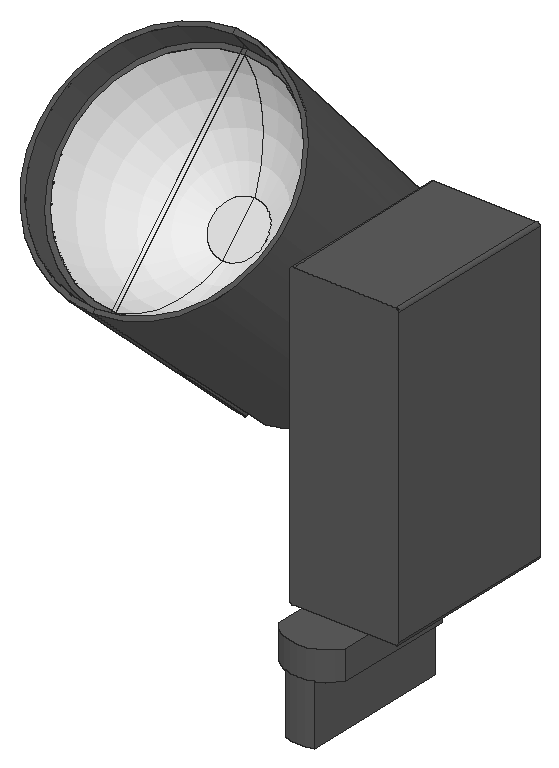
Revit family "0004889 Feilo Sylvania Lighting Fixture START TRACK SPOT L 35W 3K RA90 NB BLACK", category Lighting Fixtures, host Face, Revit 2017 (continued)
Definition of nested family "Start Track Spot Head"
  Types (96, lengths in mm): name | Wattage | built-in parameter 1150134 | Photometric Web File | Model | built-in parameter 1150105 | Lumens | built-in parameter 1150107 | built-in parameter 1150106 | HeadThickness_FEILO | HeadRibOffset_FEILO | HeadRibDepth_FEILO | HeadRibCutWidth_FEILO | HeadRibCutOffset_FEILO | HeadReflectorRadius_FEILO | HeadReflectorOffset_FEILO | HeadLEDRadius_FEILO | HeadHeight_FEILO | HeadDiffusorOffset_FEILO | HeadDiaOut_FEILO | HeadDiaIn_FEILO | HeadAxisFromTop_FEILO | Emit from Circle Diameter | built-in parameter 1150104 | Description | Apparent Load
    0004864 START TRACK SPOT S 24W 3K RA90 WB WHITE | 24 W | (empty or 0) | "0004864.ies" | "START TRACK SPOT S 24W 3K RA90 WB WHITE" | 152.79 (stored number, unit not read) | 1920 lm | 3000 (stored number, unit not read) | 1.5279 (stored number, unit not read) | 1.5 | 4.179 | 55.714 | 7.167 | 50.87 | 50.588 | 55.714 | 9.556 | 117 | 9.435 | 86 | 77.477 | 69.354 | 77.477 | 7.4322 (stored number, unit not read) | "Integrated LED spotlight, Textured White - RAL9016, compact and minimalist design, ideal for retail applications, die-cast aluminium body, passive cooling heatsink. Beam angle: 64°, color temperature: 3000K , total system power: 24W, total fixture output: 1928 lm, LOR: 100%, colour rendering: Ra: 90 typical, LED Chromaticity: 3 step MacAdam ellipse, lifetime: >50000 hours at L70B50, energy class: A++, A+, A, IR/UV free light source without heat radiation, operating voltage: 220-240V / 50-60Hz, drive current: 600mA, electronic driver, non-dimmable, power factor: 0.95, electrical protection: Class II, Global Track 3 Phase adapter suitable for Global trac 3-circuit tracks, ingress protection rating: IP20, suitable for internal environment only, horizontal rotation: 355°, vertical tilt: 90°, dimensions: Ø86x140x200, weight: 0.966kg." | 24 VA
    0004863 START TRACK SPOT S 24W 3K RA90 MB WHITE | 24 W | (empty or 0) | "0004863.ies" | "START TRACK SPOT S 24W 3K RA90 MB WHITE" | 154.7 (stored number, unit not read) | 1944 lm | 3000 (stored number, unit not read) | 1.547 (stored number, unit not read) | 1.5 | 4.179 | 55.714 | 7.167 | 50.87 | 50.588 | 55.714 | 9.556 | 117 | 9.435 | 86 | 77.477 | 69.354 | 77.477 | 7.5251 (stored number, unit not read) | "Integrated LED spotlight, Textured White - RAL9016, compact and minimalist design, ideal for retail applications, die-cast aluminium body, passive cooling heatsink. Beam angle: 36°, color temperature: 3000K , total system power: 24W, total fixture output: 1944 lm, LOR: 100%, colour rendering: Ra: 90 typical, LED Chromaticity: 3 step MacAdam ellipse, lifetime: >50000 hours at L70B50, energy class: A++, A+, A, IR/UV free light source without heat radiation, operating voltage: 220-240V / 50-60Hz, drive current: 600mA, electronic driver, non-dimmable, power factor: 0.95, electrical protection: Class II, Global Track 3 Phase adapter suitable for Global trac 3-circuit tracks, ingress protection rating: IP20, suitable for internal environment only, horizontal rotation: 355°, vertical tilt: 90°, dimensions: Ø86x140x200, weight: 0.966kg." | 24 VA
    0004862 START TRACK SPOT S 24W 3K RA90 NB WHITE | 24 W | (empty or 0) | "0004862.ies" | "START TRACK SPOT S 24W 3K RA90 NB WHITE" | 158.52 (stored number, unit not read) | 1992 lm | 3000 (stored number, unit not read) | 1.5852 (stored number, unit not read) | 1.5 | 4.179 | 55.714 | 7.167 | 50.87 | 50.588 | 55.714 | 9.556 | 117 | 9.435 | 86 | 77.477 | 69.354 | 77.477 | 7.711 (stored number, unit not read) | "Integrated LED spotlight, Textured White - RAL9016, compact and minimalist design, ideal for retail applications, die-cast aluminium body, passive cooling heatsink. Beam angle: 12°, color temperature: 3000K , total system power: 24W, total fixture output: 1987 lm, LOR: 100%, colour rendering: Ra: 90 typical, LED Chromaticity: 3 step MacAdam ellipse, lifetime: >50000 hours at L70B50, energy class: A++, A+, A, IR/UV free light source without heat radiation, operating voltage: 220-240V / 50-60Hz, drive current: 600mA, electronic driver, non-dimmable, power factor: 0.95, electrical protection: Class II, Global Track 3 Phase adapter suitable for Global trac 3-circuit tracks, ingress protection rating: IP20, suitable for internal environment only, horizontal rotation: 355°, vertical tilt: 90°, dimensions: Ø86x140x200, weight: 0.966kg." | 24 VA
    0004861 START TRACK SPOT S 14W 3K RA90 WB WHITE | 14 W | (empty or 0) | "0004861.ies" | "START TRACK SPOT S 14W 3K RA90 WB WHITE" | 100.27 (stored number, unit not read) | 1260 lm | 3000 (stored number, unit not read) | 1.0027 (stored number, unit not read) | 1.5 | 4.179 | 55.714 | 7.167 | 50.87 | 50.588 | 55.714 | 9.556 | 117 | 9.435 | 86 | 77.477 | 69.354 | 77.477 | 8.3613 (stored number, unit not read) | "Integrated LED spotlight, Textured White - RAL9016, compact and minimalist design, ideal for retail applications, die-cast aluminium body, passive cooling heatsink. Beam angle: 64°, color temperature: 3000K , total system power: 14W, total fixture output: 1262 lm, LOR: 100%, colour rendering: Ra: 90 typical, LED Chromaticity: 3 step MacAdam ellipse, lifetime: >50000 hours at L70B50, energy class: A++, A+, A, IR/UV free light source without heat radiation, operating voltage: 220-240V / 50-60Hz, drive current: 350mA, electronic driver, non-dimmable, power factor: 0.92, electrical protection: Class II, Global Track 3 Phase adapter suitable for Global trac 3-circuit tracks, ingress protection rating: IP20, suitable for internal environment only, horizontal rotation: 355°, vertical tilt: 90°, dimensions: Ø86x140x200, weight: 0.940kg." | 14 VA
    0004860 START TRACK SPOT S 14W 3K RA90 MB WHITE | 14 W | (empty or 0) | "0004860.ies" | "START TRACK SPOT S 14W 3K RA90 MB WHITE" | 100.27 (stored number, unit not read) | 1260 lm | 3000 (stored number, unit not read) | 1.0027 (stored number, unit not read) | 1.5 | 4.179 | 55.714 | 7.167 | 50.87 | 50.588 | 55.714 | 9.556 | 117 | 9.435 | 86 | 77.477 | 69.354 | 77.477 | 8.3613 (stored number, unit not read) | "Integrated LED spotlight, Textured White - RAL9016, compact and minimalist design, ideal for retail applications, die-cast aluminium body, passive cooling heatsink. Beam angle: 36°, color temperature: 3000K , total system power: 14W, total fixture output: 1262 lm, LOR: 100%, colour rendering: Ra: 90 typical, LED Chromaticity: 3 step MacAdam ellipse, lifetime: >50000 hours at L70B50, energy class: A++, A+, A, IR/UV free light source without heat radiation, operating voltage: 220-240V / 50-60Hz, drive current: 350mA, electronic driver, non-dimmable, power factor: 0.92, electrical protection: Class II, Global Track 3 Phase adapter suitable for Global trac 3-circuit tracks, ingress protection rating: IP20, suitable for internal environment only, horizontal rotation: 355°, vertical tilt: 90°, dimensions: Ø86x140x200, weight: 0.940kg." | 14 VA
    0004859 START TRACK SPOT S 14W 3K RA90 NB WHITE | 14 W | (empty or 0) | "0004859.ies" | "START TRACK SPOT S 14W 3K RA90 NB WHITE" | 102.5 (stored number, unit not read) | 1288 lm | 3000 (stored number, unit not read) | 1.025 (stored number, unit not read) | 1.5 | 4.179 | 55.714 | 7.167 | 50.87 | 50.588 | 55.714 | 9.556 | 117 | 9.435 | 86 | 77.477 | 69.354 | 77.477 | 8.5471 (stored number, unit not read) | "Integrated LED spotlight, Textured White - RAL9016, compact and minimalist design, ideal for retail applications, die-cast aluminium body, passive cooling heatsink. Beam angle: 12°, color temperature: 3000K , total system power: 14W, total fixture output: 1284 lm, LOR: 100%, colour rendering: Ra: 90 typical, LED Chromaticity: 3 step MacAdam ellipse, lifetime: >50000 hours at L70B50, energy class: A++, A+, A, IR/UV free light source without heat radiation, operating voltage: 220-240V / 50-60Hz, drive current: 350mA, electronic driver, non-dimmable, power factor: 0.92, electrical protection: Class II, Global Track 3 Phase adapter suitable for Global trac 3-circuit tracks, ingress protection rating: IP20, suitable for internal environment only, horizontal rotation: 355°, vertical tilt: 90°, dimensions: Ø86x140x200, weight: 0.940kg." | 14 VA
    0004858 START TRACK SPOT L 55W 4K RA80 WB BLACK | 55 W | 12 | "0004858.ies" | "START TRACK SPOT L 55W 4K RA80 WB BLACK" | 424.55 (stored number, unit not read) | 5335 lm | 4000 (stored number, unit not read) | 4.2455 (stored number, unit not read) | 2 | 4.429 | 59.048 | 9.417 | 53.913 | 66.471 | 59.048 | 12.556 | 124 | 10 | 113 | 101.802 | 73.503 | 101.802 | 9.0116 (stored number, unit not read) | "Integrated LED spotlight, Textured Black - RAL9005, compact and minimalist design, ideal for retail applications, die-cast aluminium body, passive cooling heatsink. Beam angle: 52°, color temperature: 4000K , total system power: 55W, total fixture output: 5320 lm, LOR: 100%, colour rendering: Ra: 80 typical, LED Chromaticity: 3 step MacAdam ellipse, lifetime: >50000 hours at L70B50, energy class: A++, A+, A, IR/UV free light source without heat radiation, operating voltage: 220-240V / 50-60Hz, drive current: 1400mA, electronic driver, non-dimmable, power factor: 0.96, electrical protection: Class II, Global Track 3 Phase adapter suitable for Global trac 3-circuit tracks, ingress protection rating: IP20, suitable for internal environment only, horizontal rotation: 355°, vertical tilt: 90°, dimensions: Ø113x164x240, weight: 1.398kg." | 55 VA
    0004857 START TRACK SPOT L 55W 4K RA80 MB BLACK | 55 W | 12 | "0004857.ies" | "START TRACK SPOT L 55W 4K RA80 MB BLACK" | 428.92 (stored number, unit not read) | 5390 lm | 4000 (stored number, unit not read) | 4.2892 (stored number, unit not read) | 2 | 4.429 | 59.048 | 9.417 | 53.913 | 66.471 | 59.048 | 12.556 | 124 | 10 | 113 | 101.802 | 73.503 | 101.802 | 9.1045 (stored number, unit not read) | "Integrated LED spotlight, Textured Black - RAL9005, compact and minimalist design, ideal for retail applications, die-cast aluminium body, passive cooling heatsink. Beam angle: 38°, color temperature: 4000K , total system power: 55W, total fixture output: 5378 lm, LOR: 100%, colour rendering: Ra: 80 typical, LED Chromaticity: 3 step MacAdam ellipse, lifetime: >50000 hours at L70B50, energy class: A++, A+, A, IR/UV free light source without heat radiation, operating voltage: 220-240V / 50-60Hz, drive current: 1400mA, electronic driver, non-dimmable, power factor: 0.96, electrical protection: Class II, Global Track 3 Phase adapter suitable for Global trac 3-circuit tracks, ingress protection rating: IP20, suitable for internal environment only, horizontal rotation: 355°, vertical tilt: 90°, dimensions: Ø113x164x240, weight: 1.398kg." | 55 VA
    0004856 START TRACK SPOT L 55W 4K RA80 NB BLACK | 55 W | 12 | "0004856.ies" | "START TRACK SPOT L 55W 4K RA80 NB BLACK" | 433.3 (stored number, unit not read) | 5445 lm | 4000 (stored number, unit not read) | 4.333 (stored number, unit not read) | 2 | 4.429 | 59.048 | 9.417 | 53.913 | 66.471 | 59.048 | 12.556 | 124 | 10 | 113 | 101.802 | 73.503 | 101.802 | 9.1974 (stored number, unit not read) | "Integrated LED spotlight, Textured Black - RAL9005, compact and minimalist design, ideal for retail applications, die-cast aluminium body, passive cooling heatsink. Beam angle: 15°, color temperature: 4000K , total system power: 55W, total fixture output: 5426 lm, LOR: 100%, colour rendering: Ra: 80 typical, LED Chromaticity: 3 step MacAdam ellipse, lifetime: >50000 hours at L70B50, energy class: A++, A+, A, IR/UV free light source without heat radiation, operating voltage: 220-240V / 50-60Hz, drive current: 1400mA, electronic driver, non-dimmable, power factor: 0.96, electrical protection: Class II, Global Track 3 Phase adapter suitable for Global trac 3-circuit tracks, ingress protection rating: IP20, suitable for internal environment only, horizontal rotation: 355°, vertical tilt: 90°, dimensions: Ø113x164x240, weight: 1.398kg." | 55 VA
    0004855 START TRACK SPOT L 35W 4K RA80 WB BLACK | 35 W | 12 | "0004855.ies" | "START TRACK SPOT L 35W 4K RA80 WB BLACK" | 320.3 (stored number, unit not read) | 4025 lm | 4000 (stored number, unit not read) | 3.203 (stored number, unit not read) | 2 | 4.429 | 59.048 | 9.417 | 53.913 | 66.471 | 59.048 | 12.556 | 124 | 10 | 113 | 101.802 | 73.503 | 101.802 | 10.684 (stored number, unit not read) | "Integrated LED spotlight, Textured Black - RAL9005, compact and minimalist design, ideal for retail applications, die-cast aluminium body, passive cooling heatsink. Beam angle: 52°, color temperature: 4000K , total system power: 35W, total fixture output: 4010 lm, LOR: 100%, colour rendering: Ra: 80 typical, LED Chromaticity: 3 step MacAdam ellipse, lifetime: >50000 hours at L70B50, energy class: A++, A+, A, IR/UV free light source without heat radiation, operating voltage: 220-240V / 50-60Hz, drive current: 900mA, electronic driver, non-dimmable, power factor: 0.93, electrical protection: Class II, Global Track 3 Phase adapter suitable for Global trac 3-circuit tracks, ingress protection rating: IP20, suitable for internal environment only, horizontal rotation: 355°, vertical tilt: 90°, dimensions: Ø113x164x240, weight: 1.368kg." | 35 VA
    0004854 START TRACK SPOT L 35W 4K RA80 MB BLACK | 35 W | 12 | "0004854.ies" | "START TRACK SPOT L 35W 4K RA80 MB BLACK" | 320.3 (stored number, unit not read) | 4025 lm | 4000 (stored number, unit not read) | 3.203 (stored number, unit not read) | 2 | 4.429 | 59.048 | 9.417 | 53.913 | 66.471 | 59.048 | 12.556 | 124 | 10 | 113 | 101.802 | 73.503 | 101.802 | 10.684 (stored number, unit not read) | "Integrated LED spotlight, Textured Black - RAL9005, compact and minimalist design, ideal for retail applications, die-cast aluminium body, passive cooling heatsink. Beam angle: 38°, color temperature: 4000K , total system power: 35W, total fixture output: 4017 lm, LOR: 100%, colour rendering: Ra: 80 typical, LED Chromaticity: 3 step MacAdam ellipse, lifetime: >50000 hours at L70B50, energy class: A++, A+, A, IR/UV free light source without heat radiation, operating voltage: 220-240V / 50-60Hz, drive current: 900mA, electronic driver, non-dimmable, power factor: 0.93, electrical protection: Class II, Global Track 3 Phase adapter suitable for Global trac 3-circuit tracks, ingress protection rating: IP20, suitable for internal environment only, horizontal rotation: 355°, vertical tilt: 90°, dimensions: Ø113x164x240, weight: 1.368kg." | 35 VA
    0004853 START TRACK SPOT L 35W 4K RA80 NB BLACK | 35 W | 12 | "0004853.ies" | "START TRACK SPOT L 35W 4K RA80 NB BLACK" | 331.44 (stored number, unit not read) | 4165 lm | 4000 (stored number, unit not read) | 3.3144 (stored number, unit not read) | 2 | 4.429 | 59.048 | 9.417 | 53.913 | 66.471 | 59.048 | 12.556 | 124 | 10 | 113 | 101.802 | 73.503 | 101.802 | 11.055 (stored number, unit not read) | "Integrated LED spotlight, Textured Black - RAL9005, compact and minimalist design, ideal for retail applications, die-cast aluminium body, passive cooling heatsink. Beam angle: 15°, color temperature: 4000K , total system power: 35W, total fixture output: 4174 lm, LOR: 100%, colour rendering: Ra: 80 typical, LED Chromaticity: 3 step MacAdam ellipse, lifetime: >50000 hours at L70B50, energy class: A++, A+, A, IR/UV free light source without heat radiation, operating voltage: 220-240V / 50-60Hz, drive current: 900mA, electronic driver, non-dimmable, power factor: 0.93, electrical protection: Class II, Global Track 3 Phase adapter suitable for Global trac 3-circuit tracks, ingress protection rating: IP20, suitable for internal environment only, horizontal rotation: 355°, vertical tilt: 90°, dimensions: Ø113x164x240, weight: 1.368kg." | 35 VA
    0004852 START TRACK SPOT S 24W 4K RA80 WB BLACK | 24 W | 12 | "0004852.ies" | "START TRACK SPOT S 24W 4K RA80 WB BLACK" | 196.72 (stored number, unit not read) | 2472 lm | 4000 (stored number, unit not read) | 1.9672 (stored number, unit not read) | 1.5 | 4.179 | 55.714 | 7.167 | 50.87 | 50.588 | 55.714 | 9.556 | 117 | 9.435 | 86 | 77.477 | 69.354 | 77.477 | 9.569 (stored number, unit not read) | "Integrated LED spotlight, Textured Black - RAL9005, compact and minimalist design, ideal for retail applications, die-cast aluminium body, passive cooling heatsink. Beam angle: 64°, color temperature: 4000K , total system power: 24W, total fixture output: 2476 lm, LOR: 100%, colour rendering: Ra: 80 typical, LED Chromaticity: 3 step MacAdam ellipse, lifetime: >50000 hours at L70B50, energy class: A++, A+, A, IR/UV free light source without heat radiation, operating voltage: 220-240V / 50-60Hz, drive current: 600mA, electronic driver, non-dimmable, power factor: 0.95, electrical protection: Class II, Global Track 3 Phase adapter suitable for Global trac 3-circuit tracks, ingress protection rating: IP20, suitable for internal environment only, horizontal rotation: 355°, vertical tilt: 90°, dimensions: Ø86x140x200, weight: 0.966kg." | 24 VA
    0004851 START TRACK SPOT S 24W 4K RA80 MB BLACK | 24 W | 12 | "0004851.ies" | "START TRACK SPOT S 24W 4K RA80 MB BLACK" | 198.63 (stored number, unit not read) | 2496 lm | 4000 (stored number, unit not read) | 1.9863 (stored number, unit not read) | 1.5 | 4.179 | 55.714 | 7.167 | 50.87 | 50.588 | 55.714 | 9.556 | 117 | 9.435 | 86 | 77.477 | 69.354 | 77.477 | 9.6619 (stored number, unit not read) | "Integrated LED spotlight, Textured Black - RAL9005, compact and minimalist design, ideal for retail applications, die-cast aluminium body, passive cooling heatsink. Beam angle: 36°, color temperature: 4000K , total system power: 24W, total fixture output: 2487 lm, LOR: 100%, colour rendering: Ra: 80 typical, LED Chromaticity: 3 step MacAdam ellipse, lifetime: >50000 hours at L70B50, energy class: A++, A+, A, IR/UV free light source without heat radiation, operating voltage: 220-240V / 50-60Hz, drive current: 600mA, electronic driver, non-dimmable, power factor: 0.95, electrical protection: Class II, Global Track 3 Phase adapter suitable for Global trac 3-circuit tracks, ingress protection rating: IP20, suitable for internal environment only, horizontal rotation: 355°, vertical tilt: 90°, dimensions: Ø86x140x200, weight: 0.966kg." | 24 VA
    0004850 START TRACK SPOT S 24W 4K RA80 NB BLACK | 24 W | 12 | "0004850.ies" | "START TRACK SPOT S 24W 4K RA80 NB BLACK" | 200.54 (stored number, unit not read) | 2520 lm | 4000 (stored number, unit not read) | 2.0054 (stored number, unit not read) | 1.5 | 4.179 | 55.714 | 7.167 | 50.87 | 50.588 | 55.714 | 9.556 | 117 | 9.435 | 86 | 77.477 | 69.354 | 77.477 | 9.7548 (stored number, unit not read) | "Integrated LED spotlight, Textured Black - RAL9005, compact and minimalist design, ideal for retail applications, die-cast aluminium body, passive cooling heatsink. Beam angle: 12°, color temperature: 4000K , total system power: 24W, total fixture output: 2529 lm, LOR: 100%, colour rendering: Ra: 80 typical, LED Chromaticity: 3 step MacAdam ellipse, lifetime: >50000 hours at L70B50, energy class: A++, A+, A, IR/UV free light source without heat radiation, operating voltage: 220-240V / 50-60Hz, drive current: 600mA, electronic driver, non-dimmable, power factor: 0.95, electrical protection: Class II, Global Track 3 Phase adapter suitable for Global trac 3-circuit tracks, ingress protection rating: IP20, suitable for internal environment only, horizontal rotation: 355°, vertical tilt: 90°, dimensions: Ø86x140x200, weight: 0.966kg." | 24 VA
    0004849 START TRACK SPOT S 14W 4K RA80 WB BLACK | 14 W | 12 | "0004849.ies" | "START TRACK SPOT S 14W 4K RA80 WB BLACK" | 123.66 (stored number, unit not read) | 1554 lm | 4000 (stored number, unit not read) | 1.2366 (stored number, unit not read) | 1.5 | 4.179 | 55.714 | 7.167 | 50.87 | 50.588 | 55.714 | 9.556 | 117 | 9.435 | 86 | 77.477 | 69.354 | 77.477 | 10.312 (stored number, unit not read) | "Integrated LED spotlight, Textured Black - RAL9005, compact and minimalist design, ideal for retail applications, die-cast aluminium body, passive cooling heatsink. Beam angle: 64°, color temperature: 4000K , total system power: 14W, total fixture output: 1558 lm, LOR: 100%, colour rendering: Ra: 80 typical, LED Chromaticity: 3 step MacAdam ellipse, lifetime: >50000 hours at L70B50, energy class: A++, A+, A, IR/UV free light source without heat radiation, operating voltage: 220-240V / 50-60Hz, drive current: 350mA, electronic driver, non-dimmable, power factor: 0.92, electrical protection: Class II, Global Track 3 Phase adapter suitable for Global trac 3-circuit tracks, ingress protection rating: IP20, suitable for internal environment only, horizontal rotation: 355°, vertical tilt: 90°, dimensions: Ø86x140x200, weight: 0.940kg." | 14 VA
    0004848 START TRACK SPOT S 14W 4K RA80 MB BLACK | 14 W | 12 | "0004848.ies" | "START TRACK SPOT S 14W 4K RA80 MB BLACK" | 127.01 (stored number, unit not read) | 1596 lm | 4000 (stored number, unit not read) | 1.2701 (stored number, unit not read) | 1.5 | 4.179 | 55.714 | 7.167 | 50.87 | 50.588 | 55.714 | 9.556 | 117 | 9.435 | 86 | 77.477 | 69.354 | 77.477 | 10.591 (stored number, unit not read) | "Integrated LED spotlight, Textured Black - RAL9005, compact and minimalist design, ideal for retail applications, die-cast aluminium body, passive cooling heatsink. Beam angle: 36°, color temperature: 4000K , total system power: 14W, total fixture output: 1598 lm, LOR: 100%, colour rendering: Ra: 80 typical, LED Chromaticity: 3 step MacAdam ellipse, lifetime: >50000 hours at L70B50, energy class: A++, A+, A, IR/UV free light source without heat radiation, operating voltage: 220-240V / 50-60Hz, drive current: 350mA, electronic driver, non-dimmable, power factor: 0.92, electrical protection: Class II, Global Track 3 Phase adapter suitable for Global trac 3-circuit tracks, ingress protection rating: IP20, suitable for internal environment only, horizontal rotation: 355°, vertical tilt: 90°, dimensions: Ø86x140x200, weight: 0.940kg." | 14 VA
    0004847 START TRACK SPOT S 14W 4K RA80 NB BLACK | 14 W | 12 | "0004847.ies" | "START TRACK SPOT S 14W 4K RA80 NB BLACK" | 128.12 (stored number, unit not read) | 1610 lm | 4000 (stored number, unit not read) | 1.2812 (stored number, unit not read) | 1.5 | 4.179 | 55.714 | 7.167 | 50.87 | 50.588 | 55.714 | 9.556 | 117 | 9.435 | 86 | 77.477 | 69.354 | 77.477 | 10.684 (stored number, unit not read) | "Integrated LED spotlight, Textured Black - RAL9005, compact and minimalist design, ideal for retail applications, die-cast aluminium body, passive cooling heatsink. Beam angle: 12°, color temperature: 4000K , total system power: 14W, total fixture output: 1608 lm, LOR: 100%, colour rendering: Ra: 80 typical, LED Chromaticity: 3 step MacAdam ellipse, lifetime: >50000 hours at L70B50, energy class: A++, A+, A, IR/UV free light source without heat radiation, operating voltage: 220-240V / 50-60Hz, drive current: 350mA, electronic driver, non-dimmable, power factor: 0.92, electrical protection: Class II, Global Track 3 Phase adapter suitable for Global trac 3-circuit tracks, ingress protection rating: IP20, suitable for internal environment only, horizontal rotation: 355°, vertical tilt: 90°, dimensions: Ø86x140x200, weight: 0.940kg." | 14 VA
    0004846 START TRACK SPOT L 55W 3K RA80 WB BLACK | 55 W | (empty or 0) | "0004846.ies" | "START TRACK SPOT L 55W 3K RA80 WB BLACK" | 420.17 (stored number, unit not read) | 5280 lm | 3000 (stored number, unit not read) | 4.2017 (stored number, unit not read) | 2 | 4.429 | 59.048 | 9.417 | 53.913 | 66.471 | 59.048 | 12.556 | 124 | 10 | 113 | 101.802 | 73.503 | 101.802 | 8.9187 (stored number, unit not read) | "Integrated LED spotlight, Textured Black - RAL9005, compact and minimalist design, ideal for retail applications, die-cast aluminium body, passive cooling heatsink. Beam angle: 52°, color temperature: 3000K , total system power: 55W, total fixture output: 5298 lm, LOR: 100%, colour rendering: Ra: 80 typical, LED Chromaticity: 3 step MacAdam ellipse, lifetime: >50000 hours at L70B50, energy class: A++, A+, A, IR/UV free light source without heat radiation, operating voltage: 220-240V / 50-60Hz, drive current: 1400mA, electronic driver, non-dimmable, power factor: 0.96, electrical protection: Class II, Global Track 3 Phase adapter suitable for Global trac 3-circuit tracks, ingress protection rating: IP20, suitable for internal environment only, horizontal rotation: 355°, vertical tilt: 90°, dimensions: Ø113x164x240, weight: 1.398kg." | 55 VA
    0004845 START TRACK SPOT L 55W 3K RA80 MB BLACK | 55 W | (empty or 0) | "0004845.ies" | "START TRACK SPOT L 55W 3K RA80 MB BLACK" | 428.92 (stored number, unit not read) | 5390 lm | 3000 (stored number, unit not read) | 4.2892 (stored number, unit not read) | 2 | 4.429 | 59.048 | 9.417 | 53.913 | 66.471 | 59.048 | 12.556 | 124 | 10 | 113 | 101.802 | 73.503 | 101.802 | 9.1045 (stored number, unit not read) | "Integrated LED spotlight, Textured Black - RAL9005, compact and minimalist design, ideal for retail applications, die-cast aluminium body, passive cooling heatsink. Beam angle: 38°, color temperature: 3000K , total system power: 55W, total fixture output: 5381 lm, LOR: 100%, colour rendering: Ra: 80 typical, LED Chromaticity: 3 step MacAdam ellipse, lifetime: >50000 hours at L70B50, energy class: A++, A+, A, IR/UV free light source without heat radiation, operating voltage: 220-240V / 50-60Hz, drive current: 1400mA, electronic driver, non-dimmable, power factor: 0.96, electrical protection: Class II, Global Track 3 Phase adapter suitable for Global trac 3-circuit tracks, ingress protection rating: IP20, suitable for internal environment only, horizontal rotation: 355°, vertical tilt: 90°, dimensions: Ø113x164x240, weight: 1.398kg." | 55 VA
    0004844 START TRACK SPOT L 55W 3K RA80 NB BLACK | 55 W | (empty or 0) | "0004844.ies" | "START TRACK SPOT L 55W 3K RA80 NB BLACK" | 433.3 (stored number, unit not read) | 5445 lm | 3000 (stored number, unit not read) | 4.333 (stored number, unit not read) | 2 | 4.429 | 59.048 | 9.417 | 53.913 | 66.471 | 59.048 | 12.556 | 124 | 10 | 113 | 101.802 | 73.503 | 101.802 | 9.1974 (stored number, unit not read) | "Integrated LED spotlight, Textured Black - RAL9005, compact and minimalist design, ideal for retail applications, die-cast aluminium body, passive cooling heatsink. Beam angle: 15°, color temperature: 3000K , total system power: 55W, total fixture output: 5449 lm, LOR: 100%, colour rendering: Ra: 80 typical, LED Chromaticity: 3 step MacAdam ellipse, lifetime: >50000 hours at L70B50, energy class: A++, A+, A, IR/UV free light source without heat radiation, operating voltage: 220-240V / 50-60Hz, drive current: 1400mA, electronic driver, non-dimmable, power factor: 0.96, electrical protection: Class II, Global Track 3 Phase adapter suitable for Global trac 3-circuit tracks, ingress protection rating: IP20, suitable for internal environment only, horizontal rotation: 355°, vertical tilt: 90°, dimensions: Ø113x164x240, weight: 1.398kg." | 55 VA
    0004843 START TRACK SPOT L 35W 3K RA80 WB BLACK | 35 W | (empty or 0) | "0004843.ies" | "START TRACK SPOT L 35W 3K RA80 WB BLACK" | 314.73 (stored number, unit not read) | 3955 lm | 3000 (stored number, unit not read) | 3.1473 (stored number, unit not read) | 2 | 4.429 | 59.048 | 9.417 | 53.913 | 66.471 | 59.048 | 12.556 | 124 | 10 | 113 | 101.802 | 73.503 | 101.802 | 10.498 (stored number, unit not read) | "Integrated LED spotlight, Textured Black - RAL9005, compact and minimalist design, ideal for retail applications, die-cast aluminium body, passive cooling heatsink. Beam angle: 52°, color temperature: 3000K , total system power: 35W, total fixture output: 3943 lm, LOR: 100%, colour rendering: Ra: 80 typical, LED Chromaticity: 3 step MacAdam ellipse, lifetime: >50000 hours at L70B50, energy class: A++, A+, A, IR/UV free light source without heat radiation, operating voltage: 220-240V / 50-60Hz, drive current: 900mA, electronic driver, non-dimmable, power factor: 0.93, electrical protection: Class II, Global Track 3 Phase adapter suitable for Global trac 3-circuit tracks, ingress protection rating: IP20, suitable for internal environment only, horizontal rotation: 355°, vertical tilt: 90°, dimensions: Ø113x164x240, weight: 1.368kg." | 35 VA
    0004842 START TRACK SPOT L 35W 3K RA80 MB BLACK | 35 W | (empty or 0) | "0004842.ies" | "START TRACK SPOT L 35W 3K RA80 MB BLACK" | 320.3 (stored number, unit not read) | 4025 lm | 3000 (stored number, unit not read) | 3.203 (stored number, unit not read) | 2 | 4.429 | 59.048 | 9.417 | 53.913 | 66.471 | 59.048 | 12.556 | 124 | 10 | 113 | 101.802 | 73.503 | 101.802 | 10.684 (stored number, unit not read) | "Integrated LED spotlight, Textured Black - RAL9005, compact and minimalist design, ideal for retail applications, die-cast aluminium body, passive cooling heatsink. Beam angle: 38°, color temperature: 3000K , total system power: 35W, total fixture output: 4008 lm, LOR: 100%, colour rendering: Ra: 80 typical, LED Chromaticity: 3 step MacAdam ellipse, lifetime: >50000 hours at L70B50, energy class: A++, A+, A, IR/UV free light source without heat radiation, operating voltage: 220-240V / 50-60Hz, drive current: 900mA, electronic driver, non-dimmable, power factor: 0.93, electrical protection: Class II, Global Track 3 Phase adapter suitable for Global trac 3-circuit tracks, ingress protection rating: IP20, suitable for internal environment only, horizontal rotation: 355°, vertical tilt: 90°, dimensions: Ø113x164x240, weight: 1.368kg." | 35 VA
    0004841 START TRACK SPOT L 35W 3K RA80 NB BLACK | 35 W | (empty or 0) | "0004841.ies" | "START TRACK SPOT L 35W 3K RA80 NB BLACK" | 317.51 (stored number, unit not read) | 3990 lm | 3000 (stored number, unit not read) | 3.1751 (stored number, unit not read) | 2 | 4.429 | 59.048 | 9.417 | 53.913 | 66.471 | 59.048 | 12.556 | 124 | 10 | 113 | 101.802 | 73.503 | 101.802 | 10.591 (stored number, unit not read) | "Integrated LED spotlight, Textured Black - RAL9005, compact and minimalist design, ideal for retail applications, die-cast aluminium body, passive cooling heatsink. Beam angle: 15°, color temperature: 3000K , total system power: 35W, total fixture output: 4005 lm, LOR: 100%, colour rendering: Ra: 80 typical, LED Chromaticity: 3 step MacAdam ellipse, lifetime: >50000 hours at L70B50, energy class: A++, A+, A, IR/UV free light source without heat radiation, operating voltage: 220-240V / 50-60Hz, drive current: 900mA, electronic driver, non-dimmable, power factor: 0.93, electrical protection: Class II, Global Track 3 Phase adapter suitable for Global trac 3-circuit tracks, ingress protection rating: IP20, suitable for internal environment only, horizontal rotation: 355°, vertical tilt: 90°, dimensions: Ø113x164x240, weight: 1.368kg." | 35 VA
    0004840 START TRACK SPOT S 24W 3K RA80 WB BLACK | 24 W | (empty or 0) | "0004840.ies" | "START TRACK SPOT S 24W 3K RA80 WB BLACK" | 185.26 (stored number, unit not read) | 2328 lm | 3000 (stored number, unit not read) | 1.8526 (stored number, unit not read) | 1.5 | 4.179 | 55.714 | 7.167 | 50.87 | 50.588 | 55.714 | 9.556 | 117 | 9.435 | 86 | 77.477 | 69.354 | 77.477 | 9.0116 (stored number, unit not read) | "Integrated LED spotlight, Textured Black - RAL9005, compact and minimalist design, ideal for retail applications, die-cast aluminium body, passive cooling heatsink. Beam angle: 64°, color temperature: 3000K , total system power: 24W, total fixture output: 2318 lm, LOR: 100%, colour rendering: Ra: 80 typical, LED Chromaticity: 3 step MacAdam ellipse, lifetime: >50000 hours at L70B50, energy class: A++, A+, A, IR/UV free light source without heat radiation, operating voltage: 220-240V / 50-60Hz, drive current: 600mA, electronic driver, non-dimmable, power factor: 0.95, electrical protection: Class II, Global Track 3 Phase adapter suitable for Global trac 3-circuit tracks, ingress protection rating: IP20, suitable for internal environment only, horizontal rotation: 355°, vertical tilt: 90°, dimensions: Ø86x140x200, weight: 0.966kg." | 24 VA
    0004839 START TRACK SPOT S 24W 3K RA80 MB BLACK | 24 W | (empty or 0) | "0004839.ies" | "START TRACK SPOT S 24W 3K RA80 MB BLACK" | 183.35 (stored number, unit not read) | 2304 lm | 3000 (stored number, unit not read) | 1.8335 (stored number, unit not read) | 1.5 | 4.179 | 55.714 | 7.167 | 50.87 | 50.588 | 55.714 | 9.556 | 117 | 9.435 | 86 | 77.477 | 69.354 | 77.477 | 8.9187 (stored number, unit not read) | "Integrated LED spotlight, Textured Black - RAL9005, compact and minimalist design, ideal for retail applications, die-cast aluminium body, passive cooling heatsink. Beam angle: 36°, color temperature: 3000K , total system power: 24W, total fixture output: 2314 lm, LOR: 100%, colour rendering: Ra: 80 typical, LED Chromaticity: 3 step MacAdam ellipse, lifetime: >50000 hours at L70B50, energy class: A++, A+, A, IR/UV free light source without heat radiation, operating voltage: 220-240V / 50-60Hz, drive current: 600mA, electronic driver, non-dimmable, power factor: 0.95, electrical protection: Class II, Global Track 3 Phase adapter suitable for Global trac 3-circuit tracks, ingress protection rating: IP20, suitable for internal environment only, horizontal rotation: 355°, vertical tilt: 90°, dimensions: Ø86x140x200, weight: 0.966kg." | 24 VA
    0004838 START TRACK SPOT S 24W 3K RA80 NB BLACK | 24 W | (empty or 0) | "0004838.ies" | "START TRACK SPOT S 24W 3K RA80 NB BLACK" | 185.26 (stored number, unit not read) | 2328 lm | 3000 (stored number, unit not read) | 1.8526 (stored number, unit not read) | 1.5 | 4.179 | 55.714 | 7.167 | 50.87 | 50.588 | 55.714 | 9.556 | 117 | 9.435 | 86 | 77.477 | 69.354 | 77.477 | 9.0116 (stored number, unit not read) | "Integrated LED spotlight, Textured Black - RAL9005, compact and minimalist design, ideal for retail applications, die-cast aluminium body, passive cooling heatsink. Beam angle: 12°, color temperature: 3000K , total system power: 24W, total fixture output: 2334 lm, LOR: 100%, colour rendering: Ra: 80 typical, LED Chromaticity: 3 step MacAdam ellipse, lifetime: >50000 hours at L70B50, energy class: A++, A+, A, IR/UV free light source without heat radiation, operating voltage: 220-240V / 50-60Hz, drive current: 600mA, electronic driver, non-dimmable, power factor: 0.95, electrical protection: Class II, Global Track 3 Phase adapter suitable for Global trac 3-circuit tracks, ingress protection rating: IP20, suitable for internal environment only, horizontal rotation: 355°, vertical tilt: 90°, dimensions: Ø86x140x200, weight: 0.966kg." | 24 VA
    0004837 START TRACK SPOT S 14W 3K RA80 WB BLACK | 14 W | (empty or 0) | "0004837.ies" | "START TRACK SPOT S 14W 3K RA80 WB BLACK" | 119.21 (stored number, unit not read) | 1498 lm | 3000 (stored number, unit not read) | 1.1921 (stored number, unit not read) | 1.5 | 4.179 | 55.714 | 7.167 | 50.87 | 50.588 | 55.714 | 9.556 | 117 | 9.435 | 86 | 77.477 | 69.354 | 77.477 | 9.9406 (stored number, unit not read) | "Integrated LED spotlight, Textured Black - RAL9005, compact and minimalist design, ideal for retail applications, die-cast aluminium body, passive cooling heatsink. Beam angle: 64°, color temperature: 3000K , total system power: 14W, total fixture output: 1498 lm, LOR: 100%, colour rendering: Ra: 80 typical, LED Chromaticity: 3 step MacAdam ellipse, lifetime: >50000 hours at L70B50, energy class: A++, A+, A, IR/UV free light source without heat radiation, operating voltage: 220-240V / 50-60Hz, drive current: 350mA, electronic driver, non-dimmable, power factor: 0.92, electrical protection: Class II, Global Track 3 Phase adapter suitable for Global trac 3-circuit tracks, ingress protection rating: IP20, suitable for internal environment only, horizontal rotation: 355°, vertical tilt: 90°, dimensions: Ø86x140x200, weight: 0.940kg." | 14 VA
    0004836 START TRACK SPOT S 14W 3K RA80 MB BLACK | 14 W | (empty or 0) | "0004836.ies" | "START TRACK SPOT S 14W 3K RA80 MB BLACK" | 120.32 (stored number, unit not read) | 1512 lm | 3000 (stored number, unit not read) | 1.2032 (stored number, unit not read) | 1.5 | 4.179 | 55.714 | 7.167 | 50.87 | 50.588 | 55.714 | 9.556 | 117 | 9.435 | 86 | 77.477 | 69.354 | 77.477 | 10.034 (stored number, unit not read) | "Integrated LED spotlight, Textured Black - RAL9005, compact and minimalist design, ideal for retail applications, die-cast aluminium body, passive cooling heatsink. Beam angle: 36°, color temperature: 3000K , total system power: 14W, total fixture output: 1508 lm, LOR: 100%, colour rendering: Ra: 80 typical, LED Chromaticity: 3 step MacAdam ellipse, lifetime: >50000 hours at L70B50, energy class: A++, A+, A, IR/UV free light source without heat radiation, operating voltage: 220-240V / 50-60Hz, drive current: 350mA, electronic driver, non-dimmable, power factor: 0.92, electrical protection: Class II, Global Track 3 Phase adapter suitable for Global trac 3-circuit tracks, ingress protection rating: IP20, suitable for internal environment only, horizontal rotation: 355°, vertical tilt: 90°, dimensions: Ø86x140x200, weight: 0.940kg." | 14 VA
    0004835 START TRACK SPOT S 14W 3K RA80 NB BLACK | 14 W | (empty or 0) | "0004835.ies" | "START TRACK SPOT S 14W 3K RA80 NB BLACK" | 123.66 (stored number, unit not read) | 1554 lm | 3000 (stored number, unit not read) | 1.2366 (stored number, unit not read) | 1.5 | 4.179 | 55.714 | 7.167 | 50.87 | 50.588 | 55.714 | 9.556 | 117 | 9.435 | 86 | 77.477 | 69.354 | 77.477 | 10.312 (stored number, unit not read) | "Integrated LED spotlight, Textured Black - RAL9005, compact and minimalist design, ideal for retail applications, die-cast aluminium body, passive cooling heatsink. Beam angle: 12°, color temperature: 3000K , total system power: 14W, total fixture output: 1551 lm, LOR: 100%, colour rendering: Ra: 80 typical, LED Chromaticity: 3 step MacAdam ellipse, lifetime: >50000 hours at L70B50, energy class: A++, A+, A, IR/UV free light source without heat radiation, operating voltage: 220-240V / 50-60Hz, drive current: 350mA, electronic driver, non-dimmable, power factor: 0.92, electrical protection: Class II, Global Track 3 Phase adapter suitable for Global trac 3-circuit tracks, ingress protection rating: IP20, suitable for internal environment only, horizontal rotation: 355°, vertical tilt: 90°, dimensions: Ø86x140x200, weight: 0.940kg." | 14 VA
    0004834 START TRACK SPOT L 55W 4K RA80 WB WHITE | 55 W | 12 | "0004834.ies" | "START TRACK SPOT L 55W 4K RA80 WB WHITE" | 424.55 (stored number, unit not read) | 5335 lm | 4000 (stored number, unit not read) | 4.2455 (stored number, unit not read) | 2 | 4.429 | 59.048 | 9.417 | 53.913 | 66.471 | 59.048 | 12.556 | 124 | 10 | 113 | 101.802 | 73.503 | 101.802 | 9.0116 (stored number, unit not read) | "Integrated LED spotlight, Textured White - RAL9016, compact and minimalist design, ideal for retail applications, die-cast aluminium body, passive cooling heatsink. Beam angle: 52°, color temperature: 4000K , total system power: 55W, total fixture output: 5320 lm, LOR: 100%, colour rendering: Ra: 80 typical, LED Chromaticity: 3 step MacAdam ellipse, lifetime: >50000 hours at L70B50, energy class: A++, A+, A, IR/UV free light source without heat radiation, operating voltage: 220-240V / 50-60Hz, drive current: 1400mA, electronic driver, non-dimmable, power factor: 0.96, electrical protection: Class II, Global Track 3 Phase adapter suitable for Global trac 3-circuit tracks, ingress protection rating: IP20, suitable for internal environment only, horizontal rotation: 355°, vertical tilt: 90°, dimensions: Ø113x164x240, weight: 1.398kg." | 55 VA
    0004833 START TRACK SPOT L 55W 4K RA80 MB WHITE | 55 W | 12 | "0004833.ies" | "START TRACK SPOT L 55W 4K RA80 MB WHITE" | 428.92 (stored number, unit not read) | 5390 lm | 4000 (stored number, unit not read) | 4.2892 (stored number, unit not read) | 2 | 4.429 | 59.048 | 9.417 | 53.913 | 66.471 | 59.048 | 12.556 | 124 | 10 | 113 | 101.802 | 73.503 | 101.802 | 9.1045 (stored number, unit not read) | "Integrated LED spotlight, Textured White - RAL9016, compact and minimalist design, ideal for retail applications, die-cast aluminium body, passive cooling heatsink. Beam angle: 38°, color temperature: 4000K , total system power: 55W, total fixture output: 5378 lm, LOR: 100%, colour rendering: Ra: 80 typical, LED Chromaticity: 3 step MacAdam ellipse, lifetime: >50000 hours at L70B50, energy class: A++, A+, A, IR/UV free light source without heat radiation, operating voltage: 220-240V / 50-60Hz, drive current: 1400mA, electronic driver, non-dimmable, power factor: 0.96, electrical protection: Class II, Global Track 3 Phase adapter suitable for Global trac 3-circuit tracks, ingress protection rating: IP20, suitable for internal environment only, horizontal rotation: 355°, vertical tilt: 90°, dimensions: Ø113x164x240, weight: 1.398kg." | 55 VA
    0004832 START TRACK SPOT L 55W 4K RA80 NB WHITE | 55 W | 12 | "0004832.ies" | "START TRACK SPOT L 55W 4K RA80 NB WHITE" | 433.3 (stored number, unit not read) | 5445 lm | 4000 (stored number, unit not read) | 4.333 (stored number, unit not read) | 2 | 4.429 | 59.048 | 9.417 | 53.913 | 66.471 | 59.048 | 12.556 | 124 | 10 | 113 | 101.802 | 73.503 | 101.802 | 9.1974 (stored number, unit not read) | "Integrated LED spotlight, Textured White - RAL9016, compact and minimalist design, ideal for retail applications, die-cast aluminium body, passive cooling heatsink. Beam angle: 15°, color temperature: 4000K , total system power: 55W, total fixture output: 5426 lm, LOR: 100%, colour rendering: Ra: 80 typical, LED Chromaticity: 3 step MacAdam ellipse, lifetime: >50000 hours at L70B50, energy class: A++, A+, A, IR/UV free light source without heat radiation, operating voltage: 220-240V / 50-60Hz, drive current: 1400mA, electronic driver, non-dimmable, power factor: 0.96, electrical protection: Class II, Global Track 3 Phase adapter suitable for Global trac 3-circuit tracks, ingress protection rating: IP20, suitable for internal environment only, horizontal rotation: 355°, vertical tilt: 90°, dimensions: Ø113x164x240, weight: 1.398kg." | 55 VA
    0004831 START TRACK SPOT L 35W 4K RA80 WB WHITE | 35 W | 12 | "0004831.ies" | "START TRACK SPOT L 35W 4K RA80 WB WHITE" | 320.3 (stored number, unit not read) | 4025 lm | 4000 (stored number, unit not read) | 3.203 (stored number, unit not read) | 2 | 4.429 | 59.048 | 9.417 | 53.913 | 66.471 | 59.048 | 12.556 | 124 | 10 | 113 | 101.802 | 73.503 | 101.802 | 10.684 (stored number, unit not read) | "Integrated LED spotlight, Textured White - RAL9016, compact and minimalist design, ideal for retail applications, die-cast aluminium body, passive cooling heatsink. Beam angle: 52°, color temperature: 4000K , total system power: 35W, total fixture output: 4010 lm, LOR: 100%, colour rendering: Ra: 80 typical, LED Chromaticity: 3 step MacAdam ellipse, lifetime: >50000 hours at L70B50, energy class: A++, A+, A, IR/UV free light source without heat radiation, operating voltage: 220-240V / 50-60Hz, drive current: 900mA, electronic driver, non-dimmable, power factor: 0.93, electrical protection: Class II, Global Track 3 Phase adapter suitable for Global trac 3-circuit tracks, ingress protection rating: IP20, suitable for internal environment only, horizontal rotation: 355°, vertical tilt: 90°, dimensions: Ø113x164x240, weight: 1.368kg." | 35 VA
    0004830 START TRACK SPOT L 35W 4K RA80 MB WHITE | 35 W | 12 | "0004830.ies" | "START TRACK SPOT L 35W 4K RA80 MB WHITE" | 320.3 (stored number, unit not read) | 4025 lm | 4000 (stored number, unit not read) | 3.203 (stored number, unit not read) | 2 | 4.429 | 59.048 | 9.417 | 53.913 | 66.471 | 59.048 | 12.556 | 124 | 10 | 113 | 101.802 | 73.503 | 101.802 | 10.684 (stored number, unit not read) | "Integrated LED spotlight, Textured White - RAL9016, compact and minimalist design, ideal for retail applications, die-cast aluminium body, passive cooling heatsink. Beam angle: 38°, color temperature: 4000K , total system power: 35W, total fixture output: 4017 lm, LOR: 100%, colour rendering: Ra: 80 typical, LED Chromaticity: 3 step MacAdam ellipse, lifetime: >50000 hours at L70B50, energy class: A++, A+, A, IR/UV free light source without heat radiation, operating voltage: 220-240V / 50-60Hz, drive current: 900mA, electronic driver, non-dimmable, power factor: 0.93, electrical protection: Class II, Global Track 3 Phase adapter suitable for Global trac 3-circuit tracks, ingress protection rating: IP20, suitable for internal environment only, horizontal rotation: 355°, vertical tilt: 90°, dimensions: Ø113x164x240, weight: 1.368kg." | 35 VA
    0004829 START TRACK SPOT L 35W 4K RA80 NB WHITE | 35 W | 12 | "0004829.ies" | "START TRACK SPOT L 35W 4K RA80 NB WHITE" | 331.44 (stored number, unit not read) | 4165 lm | 4000 (stored number, unit not read) | 3.3144 (stored number, unit not read) | 2 | 4.429 | 59.048 | 9.417 | 53.913 | 66.471 | 59.048 | 12.556 | 124 | 10 | 113 | 101.802 | 73.503 | 101.802 | 11.055 (stored number, unit not read) | "Integrated LED spotlight, Textured White - RAL9016, compact and minimalist design, ideal for retail applications, die-cast aluminium body, passive cooling heatsink. Beam angle: 15°, color temperature: 4000K , total system power: 35W, total fixture output: 4174 lm, LOR: 100%, colour rendering: Ra: 80 typical, LED Chromaticity: 3 step MacAdam ellipse, lifetime: >50000 hours at L70B50, energy class: A++, A+, A, IR/UV free light source without heat radiation, operating voltage: 220-240V / 50-60Hz, drive current: 900mA, electronic driver, non-dimmable, power factor: 0.93, electrical protection: Class II, Global Track 3 Phase adapter suitable for Global trac 3-circuit tracks, ingress protection rating: IP20, suitable for internal environment only, horizontal rotation: 355°, vertical tilt: 90°, dimensions: Ø113x164x240, weight: 1.368kg." | 35 VA
    0004828 START TRACK SPOT S 24W 4K RA80 WB WHITE | 24 W | 12 | "0004828.ies" | "START TRACK SPOT S 24W 4K RA80 WB WHITE" | 196.72 (stored number, unit not read) | 2472 lm | 4000 (stored number, unit not read) | 1.9672 (stored number, unit not read) | 1.5 | 4.179 | 55.714 | 7.167 | 50.87 | 50.588 | 55.714 | 9.556 | 117 | 9.435 | 86 | 77.477 | 69.354 | 77.477 | 9.569 (stored number, unit not read) | "Integrated LED spotlight, Textured White - RAL9016, compact and minimalist design, ideal for retail applications, die-cast aluminium body, passive cooling heatsink. Beam angle: 64°, color temperature: 4000K , total system power: 24W, total fixture output: 2476 lm, LOR: 100%, colour rendering: Ra: 80 typical, LED Chromaticity: 3 step MacAdam ellipse, lifetime: >50000 hours at L70B50, energy class: A++, A+, A, IR/UV free light source without heat radiation, operating voltage: 220-240V / 50-60Hz, drive current: 600mA, electronic driver, non-dimmable, power factor: 0.95, electrical protection: Class II, Global Track 3 Phase adapter suitable for Global trac 3-circuit tracks, ingress protection rating: IP20, suitable for internal environment only, horizontal rotation: 355°, vertical tilt: 90°, dimensions: Ø86x140x200, weight: 0.966kg." | 24 VA
    0004827 START TRACK SPOT S 24W 4K RA80 MB WHITE | 24 W | 12 | "0004827.ies" | "START TRACK SPOT S 24W 4K RA80 MB WHITE" | 198.63 (stored number, unit not read) | 2496 lm | 4000 (stored number, unit not read) | 1.9863 (stored number, unit not read) | 1.5 | 4.179 | 55.714 | 7.167 | 50.87 | 50.588 | 55.714 | 9.556 | 117 | 9.435 | 86 | 77.477 | 69.354 | 77.477 | 9.6619 (stored number, unit not read) | "Integrated LED spotlight, Textured White - RAL9016, compact and minimalist design, ideal for retail applications, die-cast aluminium body, passive cooling heatsink. Beam angle: 36°, color temperature: 4000K , total system power: 24W, total fixture output: 2487 lm, LOR: 100%, colour rendering: Ra: 80 typical, LED Chromaticity: 3 step MacAdam ellipse, lifetime: >50000 hours at L70B50, energy class: A++, A+, A, IR/UV free light source without heat radiation, operating voltage: 220-240V / 50-60Hz, drive current: 600mA, electronic driver, non-dimmable, power factor: 0.95, electrical protection: Class II, Global Track 3 Phase adapter suitable for Global trac 3-circuit tracks, ingress protection rating: IP20, suitable for internal environment only, horizontal rotation: 355°, vertical tilt: 90°, dimensions: Ø86x140x200, weight: 0.966kg." | 24 VA
    0004826 START TRACK SPOT S 24W 4K RA80 NB WHITE | 24 W | 12 | "0004826.ies" | "START TRACK SPOT S 24W 4K RA80 NB WHITE" | 200.54 (stored number, unit not read) | 2520 lm | 4000 (stored number, unit not read) | 2.0054 (stored number, unit not read) | 1.5 | 4.179 | 55.714 | 7.167 | 50.87 | 50.588 | 55.714 | 9.556 | 117 | 9.435 | 86 | 77.477 | 69.354 | 77.477 | 9.7548 (stored number, unit not read) | "Integrated LED spotlight, Textured White - RAL9016, compact and minimalist design, ideal for retail applications, die-cast aluminium body, passive cooling heatsink. Beam angle: 12°, color temperature: 4000K , total system power: 24W, total fixture output: 2529 lm, LOR: 100%, colour rendering: Ra: 80 typical, LED Chromaticity: 3 step MacAdam ellipse, lifetime: >50000 hours at L70B50, energy class: A++, A+, A, IR/UV free light source without heat radiation, operating voltage: 220-240V / 50-60Hz, drive current: 600mA, electronic driver, non-dimmable, power factor: 0.95, electrical protection: Class II, Global Track 3 Phase adapter suitable for Global trac 3-circuit tracks, ingress protection rating: IP20, suitable for internal environment only, horizontal rotation: 355°, vertical tilt: 90°, dimensions: Ø86x140x200, weight: 0.966kg." | 24 VA
    0004825 START TRACK SPOT S 14W 4K RA80 WB WHITE | 14 W | 12 | "0004825.ies" | "START TRACK SPOT S 14W 4K RA80 WB WHITE" | 123.66 (stored number, unit not read) | 1554 lm | 4000 (stored number, unit not read) | 1.2366 (stored number, unit not read) | 1.5 | 4.179 | 55.714 | 7.167 | 50.87 | 50.588 | 55.714 | 9.556 | 117 | 9.435 | 86 | 77.477 | 69.354 | 77.477 | 10.312 (stored number, unit not read) | "Integrated LED spotlight, Textured White - RAL9016, compact and minimalist design, ideal for retail applications, die-cast aluminium body, passive cooling heatsink. Beam angle: 64°, color temperature: 4000K , total system power: 14W, total fixture output: 1558 lm, LOR: 100%, colour rendering: Ra: 80 typical, LED Chromaticity: 3 step MacAdam ellipse, lifetime: >50000 hours at L70B50, energy class: A++, A+, A, IR/UV free light source without heat radiation, operating voltage: 220-240V / 50-60Hz, drive current: 350mA, electronic driver, non-dimmable, power factor: 0.92, electrical protection: Class II, Global Track 3 Phase adapter suitable for Global trac 3-circuit tracks, ingress protection rating: IP20, suitable for internal environment only, horizontal rotation: 355°, vertical tilt: 90°, dimensions: Ø86x140x200, weight: 0.940kg." | 14 VA
    0004824 START TRACK SPOT S 14W 4K RA80 MB WHITE | 14 W | 12 | "0004824.ies" | "START TRACK SPOT S 14W 4K RA80 MB WHITE" | 127.01 (stored number, unit not read) | 1596 lm | 4000 (stored number, unit not read) | 1.2701 (stored number, unit not read) | 1.5 | 4.179 | 55.714 | 7.167 | 50.87 | 50.588 | 55.714 | 9.556 | 117 | 9.435 | 86 | 77.477 | 69.354 | 77.477 | 10.591 (stored number, unit not read) | "Integrated LED spotlight, Textured White - RAL9016, compact and minimalist design, ideal for retail applications, die-cast aluminium body, passive cooling heatsink. Beam angle: 36°, color temperature: 4000K , total system power: 14W, total fixture output: 1598 lm, LOR: 100%, colour rendering: Ra: 80 typical, LED Chromaticity: 3 step MacAdam ellipse, lifetime: >50000 hours at L70B50, energy class: A++, A+, A, IR/UV free light source without heat radiation, operating voltage: 220-240V / 50-60Hz, drive current: 350mA, electronic driver, non-dimmable, power factor: 0.92, electrical protection: Class II, Global Track 3 Phase adapter suitable for Global trac 3-circuit tracks, ingress protection rating: IP20, suitable for internal environment only, horizontal rotation: 355°, vertical tilt: 90°, dimensions: Ø86x140x200, weight: 0.940kg." | 14 VA
    0004823 START TRACK SPOT S 14W 4K RA80 NB WHITE | 14 W | 12 | "0004823.ies" | "START TRACK SPOT S 14W 4K RA80 NB WHITE" | 128.12 (stored number, unit not read) | 1610 lm | 4000 (stored number, unit not read) | 1.2812 (stored number, unit not read) | 1.5 | 4.179 | 55.714 | 7.167 | 50.87 | 50.588 | 55.714 | 9.556 | 117 | 9.435 | 86 | 77.477 | 69.354 | 77.477 | 10.684 (stored number, unit not read) | "Integrated LED spotlight, Textured White - RAL9016, compact and minimalist design, ideal for retail applications, die-cast aluminium body, passive cooling heatsink. Beam angle: 12°, color temperature: 4000K , total system power: 14W, total fixture output: 1608 lm, LOR: 100%, colour rendering: Ra: 80 typical, LED Chromaticity: 3 step MacAdam ellipse, lifetime: >50000 hours at L70B50, energy class: A++, A+, A, IR/UV free light source without heat radiation, operating voltage: 220-240V / 50-60Hz, drive current: 350mA, electronic driver, non-dimmable, power factor: 0.92, electrical protection: Class II, Global Track 3 Phase adapter suitable for Global trac 3-circuit tracks, ingress protection rating: IP20, suitable for internal environment only, horizontal rotation: 355°, vertical tilt: 90°, dimensions: Ø86x140x200, weight: 0.940kg." | 14 VA
    0004822 START TRACK SPOT L 55W 3K RA80 WB WHITE | 55 W | (empty or 0) | "0004822.ies" | "START TRACK SPOT L 55W 3K RA80 WB WHITE" | 420.17 (stored number, unit not read) | 5280 lm | 3000 (stored number, unit not read) | 4.2017 (stored number, unit not read) | 2 | 4.429 | 59.048 | 9.417 | 53.913 | 66.471 | 59.048 | 12.556 | 124 | 10 | 113 | 101.802 | 73.503 | 101.802 | 8.9187 (stored number, unit not read) | "Integrated LED spotlight, Textured White - RAL9016, compact and minimalist design, ideal for retail applications, die-cast aluminium body, passive cooling heatsink. Beam angle: 52°, color temperature: 3000K , total system power: 55W, total fixture output: 5298 lm, LOR: 100%, colour rendering: Ra: 80 typical, LED Chromaticity: 3 step MacAdam ellipse, lifetime: >50000 hours at L70B50, energy class: A++, A+, A, IR/UV free light source without heat radiation, operating voltage: 220-240V / 50-60Hz, drive current: 1400mA, electronic driver, non-dimmable, power factor: 0.96, electrical protection: Class II, Global Track 3 Phase adapter suitable for Global trac 3-circuit tracks, ingress protection rating: IP20, suitable for internal environment only, horizontal rotation: 355°, vertical tilt: 90°, dimensions: Ø113x164x240, weight: 1.398kg." | 55 VA
    0004821 START TRACK SPOT L 55W 3K RA80 MB WHITE | 55 W | (empty or 0) | "0004821.ies" | "START TRACK SPOT L 55W 3K RA80 MB WHITE" | 428.92 (stored number, unit not read) | 5390 lm | 3000 (stored number, unit not read) | 4.2892 (stored number, unit not read) | 2 | 4.429 | 59.048 | 9.417 | 53.913 | 66.471 | 59.048 | 12.556 | 124 | 10 | 113 | 101.802 | 73.503 | 101.802 | 9.1045 (stored number, unit not read) | "Integrated LED spotlight, Textured White - RAL9016, compact and minimalist design, ideal for retail applications, die-cast aluminium body, passive cooling heatsink. Beam angle: 38°, color temperature: 3000K , total system power: 55W, total fixture output: 5381 lm, LOR: 100%, colour rendering: Ra: 80 typical, LED Chromaticity: 3 step MacAdam ellipse, lifetime: >50000 hours at L70B50, energy class: A++, A+, A, IR/UV free light source without heat radiation, operating voltage: 220-240V / 50-60Hz, drive current: 1400mA, electronic driver, non-dimmable, power factor: 0.96, electrical protection: Class II, Global Track 3 Phase adapter suitable for Global trac 3-circuit tracks, ingress protection rating: IP20, suitable for internal environment only, horizontal rotation: 355°, vertical tilt: 90°, dimensions: Ø113x164x240, weight: 1.398kg." | 55 VA
    0004820 START TRACK SPOT L 55W 3K RA80 NB WHITE | 55 W | (empty or 0) | "0004820.ies" | "START TRACK SPOT L 55W 3K RA80 NB WHITE" | 433.3 (stored number, unit not read) | 5445 lm | 3000 (stored number, unit not read) | 4.333 (stored number, unit not read) | 2 | 4.429 | 59.048 | 9.417 | 53.913 | 66.471 | 59.048 | 12.556 | 124 | 10 | 113 | 101.802 | 73.503 | 101.802 | 9.1974 (stored number, unit not read) | "Integrated LED spotlight, Textured White - RAL9016, compact and minimalist design, ideal for retail applications, die-cast aluminium body, passive cooling heatsink. Beam angle: 15°, color temperature: 3000K , total system power: 55W, total fixture output: 5449 lm, LOR: 100%, colour rendering: Ra: 80 typical, LED Chromaticity: 3 step MacAdam ellipse, lifetime: >50000 hours at L70B50, energy class: A++, A+, A, IR/UV free light source without heat radiation, operating voltage: 220-240V / 50-60Hz, drive current: 1400mA, electronic driver, non-dimmable, power factor: 0.96, electrical protection: Class II, Global Track 3 Phase adapter suitable for Global trac 3-circuit tracks, ingress protection rating: IP20, suitable for internal environment only, horizontal rotation: 355°, vertical tilt: 90°, dimensions: Ø113x164x240, weight: 1.398kg." | 55 VA
    0004819 START TRACK SPOT L 35W 3K RA80 WB WHITE | 35 W | (empty or 0) | "0004819.ies" | "START TRACK SPOT L 35W 3K RA80 WB WHITE" | 314.73 (stored number, unit not read) | 3955 lm | 3000 (stored number, unit not read) | 3.1473 (stored number, unit not read) | 2 | 4.429 | 59.048 | 9.417 | 53.913 | 66.471 | 59.048 | 12.556 | 124 | 10 | 113 | 101.802 | 73.503 | 101.802 | 10.498 (stored number, unit not read) | "Integrated LED spotlight, Textured White - RAL9016, compact and minimalist design, ideal for retail applications, die-cast aluminium body, passive cooling heatsink. Beam angle: 52°, color temperature: 3000K , total system power: 35W, total fixture output: 3943 lm, LOR: 100%, colour rendering: Ra: 80 typical, LED Chromaticity: 3 step MacAdam ellipse, lifetime: >50000 hours at L70B50, energy class: A++, A+, A, IR/UV free light source without heat radiation, operating voltage: 220-240V / 50-60Hz, drive current: 900mA, electronic driver, non-dimmable, power factor: 0.93, electrical protection: Class II, Global Track 3 Phase adapter suitable for Global trac 3-circuit tracks, ingress protection rating: IP20, suitable for internal environment only, horizontal rotation: 355°, vertical tilt: 90°, dimensions: Ø113x164x240, weight: 1.368kg." | 35 VA
    0004818 START TRACK SPOT L 35W 3K RA80 MB WHITE | 35 W | (empty or 0) | "0004818.ies" | "START TRACK SPOT L 35W 3K RA80 MB WHITE" | 320.3 (stored number, unit not read) | 4025 lm | 3000 (stored number, unit not read) | 3.203 (stored number, unit not read) | 2 | 4.429 | 59.048 | 9.417 | 53.913 | 66.471 | 59.048 | 12.556 | 124 | 10 | 113 | 101.802 | 73.503 | 101.802 | 10.684 (stored number, unit not read) | "Integrated LED spotlight, Textured White - RAL9016, compact and minimalist design, ideal for retail applications, die-cast aluminium body, passive cooling heatsink. Beam angle: 38°, color temperature: 3000K , total system power: 35W, total fixture output: 4008 lm, LOR: 100%, colour rendering: Ra: 80 typical, LED Chromaticity: 3 step MacAdam ellipse, lifetime: >50000 hours at L70B50, energy class: A++, A+, A, IR/UV free light source without heat radiation, operating voltage: 220-240V / 50-60Hz, drive current: 900mA, electronic driver, non-dimmable, power factor: 0.93, electrical protection: Class II, Global Track 3 Phase adapter suitable for Global trac 3-circuit tracks, ingress protection rating: IP20, suitable for internal environment only, horizontal rotation: 355°, vertical tilt: 90°, dimensions: Ø113x164x240, weight: 1.368kg." | 35 VA
    0004817 START TRACK SPOT L 35W 3K RA80 NB WHITE | 35 W | (empty or 0) | "0004817.ies" | "START TRACK SPOT L 35W 3K RA80 NB WHITE" | 317.51 (stored number, unit not read) | 3990 lm | 3000 (stored number, unit not read) | 3.1751 (stored number, unit not read) | 2 | 4.429 | 59.048 | 9.417 | 53.913 | 66.471 | 59.048 | 12.556 | 124 | 10 | 113 | 101.802 | 73.503 | 101.802 | 10.591 (stored number, unit not read) | "Integrated LED spotlight, Textured White - RAL9016, compact and minimalist design, ideal for retail applications, die-cast aluminium body, passive cooling heatsink. Beam angle: 15°, color temperature: 3000K , total system power: 35W, total fixture output: 4005 lm, LOR: 100%, colour rendering: Ra: 80 typical, LED Chromaticity: 3 step MacAdam ellipse, lifetime: >50000 hours at L70B50, energy class: A++, A+, A, IR/UV free light source without heat radiation, operating voltage: 220-240V / 50-60Hz, drive current: 900mA, electronic driver, non-dimmable, power factor: 0.93, electrical protection: Class II, Global Track 3 Phase adapter suitable for Global trac 3-circuit tracks, ingress protection rating: IP20, suitable for internal environment only, horizontal rotation: 355°, vertical tilt: 90°, dimensions: Ø113x164x240, weight: 1.368kg." | 35 VA
    0004816 START TRACK SPOT S 24W 3K RA80 WB WHITE | 24 W | (empty or 0) | "0004816.ies" | "START TRACK SPOT S 24W 3K RA80 WB WHITE" | 185.26 (stored number, unit not read) | 2328 lm | 3000 (stored number, unit not read) | 1.8526 (stored number, unit not read) | 1.5 | 4.179 | 55.714 | 7.167 | 50.87 | 50.588 | 55.714 | 9.556 | 117 | 9.435 | 86 | 77.477 | 69.354 | 77.477 | 9.0116 (stored number, unit not read) | "Integrated LED spotlight, Textured White - RAL9016, compact and minimalist design, ideal for retail applications, die-cast aluminium body, passive cooling heatsink. Beam angle: 64°, color temperature: 3000K , total system power: 24W, total fixture output: 2318 lm, LOR: 100%, colour rendering: Ra: 80 typical, LED Chromaticity: 3 step MacAdam ellipse, lifetime: >50000 hours at L70B50, energy class: A++, A+, A, IR/UV free light source without heat radiation, operating voltage: 220-240V / 50-60Hz, drive current: 600mA, electronic driver, non-dimmable, power factor: 0.95, electrical protection: Class II, Global Track 3 Phase adapter suitable for Global trac 3-circuit tracks, ingress protection rating: IP20, suitable for internal environment only, horizontal rotation: 355°, vertical tilt: 90°, dimensions: Ø86x140x200, weight: 0.966kg." | 24 VA
    0004815 START TRACK SPOT S 24W 3K RA80 MB WHITE | 24 W | (empty or 0) | "0004815.ies" | "START TRACK SPOT S 24W 3K RA80 MB WHITE" | 183.35 (stored number, unit not read) | 2304 lm | 3000 (stored number, unit not read) | 1.8335 (stored number, unit not read) | 1.5 | 4.179 | 55.714 | 7.167 | 50.87 | 50.588 | 55.714 | 9.556 | 117 | 9.435 | 86 | 77.477 | 69.354 | 77.477 | 8.9187 (stored number, unit not read) | "Integrated LED spotlight, Textured White - RAL9016, compact and minimalist design, ideal for retail applications, die-cast aluminium body, passive cooling heatsink. Beam angle: 36°, color temperature: 3000K , total system power: 24W, total fixture output: 2314 lm, LOR: 100%, colour rendering: Ra: 80 typical, LED Chromaticity: 3 step MacAdam ellipse, lifetime: >50000 hours at L70B50, energy class: A++, A+, A, IR/UV free light source without heat radiation, operating voltage: 220-240V / 50-60Hz, drive current: 600mA, electronic driver, non-dimmable, power factor: 0.95, electrical protection: Class II, Global Track 3 Phase adapter suitable for Global trac 3-circuit tracks, ingress protection rating: IP20, suitable for internal environment only, horizontal rotation: 355°, vertical tilt: 90°, dimensions: Ø86x140x200, weight: 0.966kg." | 24 VA
    0004814 START TRACK SPOT S 24W 3K RA80 NB WHITE | 24 W | (empty or 0) | "0004814.ies" | "START TRACK SPOT S 24W 3K RA80 NB WHITE" | 185.26 (stored number, unit not read) | 2328 lm | 3000 (stored number, unit not read) | 1.8526 (stored number, unit not read) | 1.5 | 4.179 | 55.714 | 7.167 | 50.87 | 50.588 | 55.714 | 9.556 | 117 | 9.435 | 86 | 77.477 | 69.354 | 77.477 | 9.0116 (stored number, unit not read) | "Integrated LED spotlight, Textured White - RAL9016, compact and minimalist design, ideal for retail applications, die-cast aluminium body, passive cooling heatsink. Beam angle: 12°, color temperature: 3000K , total system power: 24W, total fixture output: 2334 lm, LOR: 100%, colour rendering: Ra: 80 typical, LED Chromaticity: 3 step MacAdam ellipse, lifetime: >50000 hours at L70B50, energy class: A++, A+, A, IR/UV free light source without heat radiation, operating voltage: 220-240V / 50-60Hz, drive current: 600mA, electronic driver, non-dimmable, power factor: 0.95, electrical protection: Class II, Global Track 3 Phase adapter suitable for Global trac 3-circuit tracks, ingress protection rating: IP20, suitable for internal environment only, horizontal rotation: 355°, vertical tilt: 90°, dimensions: Ø86x140x200, weight: 0.966kg." | 24 VA
    0004813 START TRACK SPOT S 14W 3K RA80 WB WHITE | 14 W | (empty or 0) | "0004813.ies" | "START TRACK SPOT S 14W 3K RA80 WB WHITE" | 119.21 (stored number, unit not read) | 1498 lm | 3000 (stored number, unit not read) | 1.1921 (stored number, unit not read) | 1.5 | 4.179 | 55.714 | 7.167 | 50.87 | 50.588 | 55.714 | 9.556 | 117 | 9.435 | 86 | 77.477 | 69.354 | 77.477 | 9.9406 (stored number, unit not read) | "Integrated LED spotlight, Textured White - RAL9016, compact and minimalist design, ideal for retail applications, die-cast aluminium body, passive cooling heatsink. Beam angle: 64°, color temperature: 3000K , total system power: 14W, total fixture output: 1498 lm, LOR: 100%, colour rendering: Ra: 80 typical, LED Chromaticity: 3 step MacAdam ellipse, lifetime: >50000 hours at L70B50, energy class: A++, A+, A, IR/UV free light source without heat radiation, operating voltage: 220-240V / 50-60Hz, drive current: 350mA, electronic driver, non-dimmable, power factor: 0.92, electrical protection: Class II, Global Track 3 Phase adapter suitable for Global trac 3-circuit tracks, ingress protection rating: IP20, suitable for internal environment only, horizontal rotation: 355°, vertical tilt: 90°, dimensions: Ø86x140x200, weight: 0.940kg." | 14 VA
